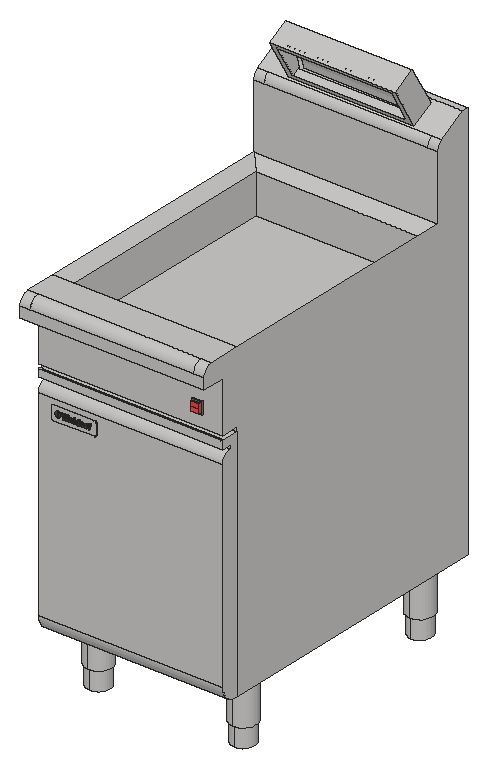
Revit family "QF_MOFFAT WALDORF_CS8450E", category Specialty Equipment, Revit 2012
Parameters
  Weight in Pounds = 0
  Width [instance] = 450 mm  # constant formula
  Watts = 1000 W
  Volts = 240 V
  URL Cutsheet = "www.moffat.com"
  URL = "www.moffat.com"
  Type Mark [instance] = ""
  Status [instance] = ""
  Specification by User [instance] = ""
  Specification by Manufacturer = ""
  Show Logo [instance] = yes
  Show Clearance [instance] = yes
  Serial Number = ""
  Seismic Rating = ""
  SMACNA No = ""
  Revision Code [instance] = ""
  Phase = 1
  Omniclass Number and Title = ""
  Number of Poles [instance] = 1
  NAFEM Spec ID Number = ""
  Model = "CS8450E"
  Min Ckt Ampacity = 0 A
  Max Overcurrent Protection = 0 A
  Masterspec = ""
  Manufacturer = "MOFFAT WALDORF"
  Legs [instance] = yes
  Item Number [instance] = ""
  Installed By [instance] = ""
  Identify Quantity as Lot [instance] = yes
  Height = 1130 mm  # constant formula
  HP = ""
  Furnished By [instance] = ""
  Foodservice Equipment Identifier [instance] = yes
  FL Amps = 4.5 A
  Electrical Remarks [instance] = ""
  Electric Connection Type [instance] = ""
  Elec Conn RI Height [instance] = 0 mm
  Elec Conn Connection Height [instance] = 200 mm
  Description = "CHIP SCUTTLE WITH INFRA-RED HEATER"
  Depth [instance] = 805 mm  # constant formula
  Cycle = 50 Hz
  Conn Plug = ""
  Conn Conduit = yes
  CSI MasterFormat = ""
  CSI Master Format = ""
  Body Finish = QF_Finishes_Stainless Steel
  Apparent Power = if(Phase = 3, Volts * FL Amps * 1.73, Volts * FL Amps)  # 1080 VA
Reference planes
  plane 1 "BACK": y = 0
  plane 2: z = 0
  plane 3 "LEFT": x = 0
  plane 4 "RIGHT": x = 450
  plane 5 "FRONT": y = -805
  plane 6 "TOP": z = 1130
  plane 7 "Center Y": x = 225
  plane 8 "Center X": y = -402.5
  plane 9: x = 90
Forms (mm)
  Extrusion 1, solid, material "QF_Finishes_Stainless Steel" <- "Body Finish"
    sketch origin (0, 0, 0) x (0, 1, 0) y (0, 0, 1)
      loop
        line (-702.284, 150) -> (0, 150) -> (0, 1130) -> (-16.5, 1130) -> (-80, 1093.338)
        arc (-80, 1093.338) -> (-88.785, 1084.554) -> (-92, 1072.554) r 24
        line (-92, 1072.554) -> (-92, 915) -> (-707.4, 915) -> (-707.4, 740.5) -> (-705.2, 740.5) -> (-702.284, 150)
    from 0 to 25
  Revolve 2, solid, material "QF_Finishes_Stainless Steel" <- "Body Finish", visible <- "Legs"
    sketch origin (47.996, -150, 0) x (0, 1, 0) y (0, 0, 1)
      loop
        line (33.25, 150) -> (33.25, 47.5) -> (37.5, 47.5) -> (37.5, 0) -> (65, 0) -> (65, 150) -> (33.25, 150)
      axis (65, 150) -> (65, 0)
    angle from 0 to 360
  Revolve 3, solid, material "QF_Finishes_Stainless Steel" <- "Body Finish"
    sketch origin (47.996, -735, 0) x (0, 1, 0) y (0, 0, 1)
      loop
        line (78.25, 150) -> (78.25, 47.5) -> (82.5, 47.5) -> (82.5, 0) -> (110, 0) -> (110, 150) -> (78.25, 150)
      axis (110, 150) -> (110, 0)
    angle from 0 to 360
  Revolve 4, solid, material "QF_Finishes_Stainless Steel" <- "Body Finish", visible <- "Legs"
    sketch origin (402, -150, 0) x (0, 1, 0) y (0, 0, -1)
      loop
        line (33.25, -150) -> (65, -150) -> (65, 0) -> (37.5, 0) -> (37.5, -47.5) -> (33.25, -47.5) -> (33.25, -150)
      axis (65, -150) -> (65, 0)
    angle from 0 to 360
  Revolve 5, solid, material "QF_Finishes_Stainless Steel" <- "Body Finish"
    sketch origin (402, -735, 0) x (0, 1, 0) y (0, 0, -1)
      loop
        line (78.25, -150) -> (110, -150) -> (110, 0) -> (82.5, 0) -> (82.5, -47.5) -> (78.25, -47.5) -> (78.25, -150)
      axis (110, -150) -> (110, 0)
    angle from 0 to 360
  Extrusion 6, solid, material "QF_Finishes_Stainless Steel" <- "Body Finish"
    sketch origin (0, 0, 0) x (0, 1, 0) y (0, 0, 1)
      loop
        line (-748.15, 727.85) -> (-748.15, 710.3) -> (-723.95, 710.3) -> (-723.95, 699.977)
        arc (-723.95, 699.977) -> (-741.595, 693.338) -> (-749, 676) r 24
        line (-749, 676) -> (-749, 188)
        arc (-749, 188) -> (-737.87, 161.13) -> (-711, 150) r 38
        line (-711, 150) -> (-705.2, 150) -> (-705.2, 730.3) -> (-745.7, 730.3)
        arc (-745.7, 730.3) -> (-747.432, 729.582) -> (-748.15, 727.85) r 2.45
    from 0 to 450
  Extrusion 7, solid, material "QF_Door-Drawer Clearances", visible <- "Show Clearance", detail levels coarse
    sketch origin (32.187, -710.65, 150) x (-1, 0, 0) y (0, 1, 0)
      loop
        line (32.187, -38.35) -> (-417.813, -38.35)
        arc (-417.813, -38.35) -> (-286.605, -360.107) -> (32.187, -498.361) r 460.122
        line (32.187, -498.361) -> (32.187, -38.35)
    from 0 to -580.3
  Extrusion 8, solid, material "QF_Finishes_Stainless Steel" <- "Body Finish"
    sketch origin (450, 0, 0) x (0, 1, 0) y (0, 0, -1)
      loop
        line (-705.2, -150) -> (-705.2, -740) -> (-749, -740) -> (-749, -866) -> (-805, -866) -> (-805, -891)
        arc (-805, -891) -> (-797.971, -907.971) -> (-781, -915) r 24
        line (-781, -915) -> (-704, -915) -> (-704, -890) -> (-90, -890) -> (-90, -1072.554)
        arc (-90, -1072.554) -> (-86.785, -1084.554) -> (-78, -1093.338) r 24
        line (-78, -1093.338) -> (-14.5, -1130) -> (0, -1130) -> (0, -150) -> (-705.2, -150)
    from 0 to 25
  Extrusion 9, solid, material "QF_Finishes_Stainless Steel" <- "Body Finish"
    sketch origin (0, 0, 0) x (0, 1, 0) y (0, 0, 1)
      loop
        line (-14.5, 1130) -> (-78, 1093.338)
        arc (-78, 1093.338) -> (-86.785, 1084.554) -> (-90, 1072.554) r 24
        line (-90, 1072.554) -> (-90, 890) -> (-115, 890) -> (-115, 795) -> (-602.5, 795) -> (-602.5, 840) -> (-704, 870) -> (-704, 915) -> (-781, 915)
        arc (-781, 915) -> (-797.971, 907.971) -> (-805, 891) r 24
        line (-805, 891) -> (-805, 866) -> (-749, 866) -> (-749, 740) -> (-705, 740) -> (-705, 150) -> (0, 150) -> (0, 1130) -> (-14.5, 1130)
    from 25 to 425
  Extrusion 10, solid, material "QF_Finishes_Stainless Steel" <- "Body Finish"
    sketch origin (0, 0, 0) x (0, 1, 0) y (0, 0, 1)
      loop
        line (-705, 150) -> (0, 150) -> (0, 1130) -> (-14.5, 1130) -> (-78, 1093.338)
        arc (-78, 1093.338) -> (-86.785, 1084.554) -> (-90, 1072.554) r 24
        line (-90, 1072.554) -> (-90, 890) -> (-704, 890) -> (-704, 915) -> (-781, 915)
        arc (-781, 915) -> (-797.971, 907.971) -> (-805, 891) r 24
        line (-805, 891) -> (-805, 866) -> (-749, 866) -> (-749, 740) -> (-705, 740) -> (-705, 150)
    from 0 to 25
  Sweep 11, solid, material "QF_Finishes_Stainless Steel" <- "Body Finish"
    path origin (0, 0, 0) x (1, 0, 0) y (0, 1, 0)
      loop
        line (450, -704) -> (450, -90) -> (0, -90) -> (0, -704)
    profile origin (0, -397, 0) x (1, 0, 0) y (0, 0, 1)
      loop
        line (0, 915) -> (0, 890) -> (25, 890) -> (0, 915)
  Extrusion 12, solid, material "QF_Finishes_Stainless Steel"
    sketch origin (0, 0, 0) x (1, 0, 0) y (0, 0, 1)
      loop
        circle (90, 200) r 2.5
    from 0 to 2
  Extrusion 13, solid, material "QF_Finishes_Rubber Black"
    sketch origin (0, 0, 0) x (1, 0, 0) y (0, 0, 1)
      loop
        line (376.3, 799.6) -> (376.3, 769.6) -> (401.3, 769.6) -> (401.3, 799.6) -> (376.3, 799.6)
    from 749 to 752
  Extrusion 14, solid, material "QF_Finishes_Red"
    sketch origin (0, 0, 0) x (0, 1, 0) y (0, 0, 1)
      loop
        arc (-757.803, 795.6) -> (-756.792, 790.141) -> (-756.453, 784.6) r 45.469
        arc (-756.453, 784.6) -> (-756.792, 779.059) -> (-757.803, 773.6) r 45.469
        line (-757.803, 773.6) -> (-751.992, 773.6) -> (-751.992, 795.6) -> (-757.803, 795.6)
    from 379.3 to 398.3
  Extrusion 15, solid, material "QF_Finishes_Stainless Steel" <- "Body Finish"
    sketch origin (0, 0, 0) x (0, 1, 0) y (0, 0, 1)
      loop
        line (-80.853, 1223.998) -> (-130.216, 1195.498) -> (-73.426, 1097.134) -> (-24.062, 1125.634) -> (-80.853, 1223.998)
    from 71.5 to 85
  Extrusion 16, solid, material "QF_Finishes_Stainless Steel" <- "Body Finish"
    sketch origin (450, 0, 0) x (0, 1, 0) y (0, 0, -1)
      loop
        line (-80.853, -1223.998) -> (-24.062, -1125.634) -> (-73.426, -1097.134) -> (-130.216, -1195.498) -> (-80.853, -1223.998)
    from 71.5 to 85
  Extrusion 17, solid, material "QF_Finishes_Stainless Steel" <- "Body Finish"
    sketch origin (13.5, 0, 0) x (0, 1, 0) y (0, 0, 1)
      loop
        line (-80.853, 1223.998) -> (-130.216, 1195.498) -> (-126.182, 1188.51) -> (-85.479, 1212.01) -> (-37.723, 1129.294) -> (-78.426, 1105.794) -> (-73.426, 1097.134) -> (-24.062, 1125.634) -> (-80.853, 1223.998)
    from 71.5 to 351.5
  Extrusion 18, solid, material "QF_Finishes_White"
    sketch origin (0, -2.5, 4.33) x (0, 1, 0) y (0, 0, 1)
      loop
        arc (-105.433, 1183.168) -> (-78.968, 1154.852) -> (-67.677, 1117.773) r 85.73
        line (-67.677, 1117.773) -> (-62.886, 1120.54)
        arc (-62.886, 1120.54) -> (-74.637, 1157.352) -> (-100.642, 1185.935) r 90.73
        line (-100.642, 1185.935) -> (-105.433, 1183.168)
    from 94.953 to 355.047
  Extrusion 19, solid, material "QF_Finishes_Stainless Steel"
    sketch origin (0, -9.913, 0.05) x (0, 1, 0) y (0, 0, 1)
      loop
        line (-91.048, 1182.236) -> (-93.825, 1180.633)
        arc (-93.825, 1180.633) -> (-74.153, 1157.632) -> (-64.069, 1129.094) r 82.73
        line (-64.069, 1129.094) -> (-61.292, 1130.697)
        arc (-61.292, 1130.697) -> (-71.554, 1159.132) -> (-91.048, 1182.236) r 85.73
    from 108.537 to 341.463
  Extrusion 20, solid, material "QF_Finishes_Stainless Steel" <- "Body Finish"
    sketch origin (0, -2.5, 4.33) x (0, 1, 0) y (0, 0, 1)
      loop
        circle (-76.789, 1156.122) r 2
    from 85 to 94.953
  Extrusion 21, solid, material "QF_Finishes_Stainless Steel" <- "Body Finish"
    sketch origin (450, -2.5, 4.33) x (0, 1, 0) y (0, 0, -1)
      loop
        circle (-76.789, -1156.122) r 2
    from 85 to 94.953
Cuts and joins
  joined: Extrusion 1, Extrusion 8, Extrusion 9, Extrusion 10, Sweep 11
  joined: Extrusion 15, Extrusion 16, Extrusion 17
Lines and regions (mm)
  Split face 1
    outline origin (425, -115, 795) x (-1, 0, 0) y (0, -1, 0)
      loop
        circle (337.271, 22.25) r 7.5
  Split face 2
    outline origin (425, -115, 795) x (-1, 0, 0) y (0, -1, 0)
      loop
        circle (337.271, 79.125) r 7.5
  Split face 3
    outline origin (425, -115, 795) x (-1, 0, 0) y (0, -1, 0)
      loop
        circle (337.729, 134.125) r 7.5
  Split face 4
    outline origin (425, -115, 795) x (-1, 0, 0) y (0, -1, 0)
      loop
        circle (337.271, 190.375) r 7.5
  Split face 5
    outline origin (425, -115, 795) x (-1, 0, 0) y (0, -1, 0)
      loop
        circle (337.271, 248.625) r 7.5
  Split face 6
    outline origin (425, -115, 795) x (-1, 0, 0) y (0, -1, 0)
      loop
        circle (337.271, 304.875) r 7.5
  Split face 7
    outline origin (425, -115, 795) x (-1, 0, 0) y (0, -1, 0)
      loop
        circle (337.271, 361.125) r 7.5
  Split face 8
    outline origin (425, -115, 795) x (-1, 0, 0) y (0, -1, 0)
      loop
        circle (282.271, 361.125) r 7.5
  Split face 9
    outline origin (425, -115, 795) x (-1, 0, 0) y (0, -1, 0)
      loop
        circle (282.271, 304.875) r 7.5
  Split face 10
    outline origin (425, -115, 795) x (-1, 0, 0) y (0, -1, 0)
      loop
        circle (282.271, 248.625) r 7.5
  Split face 11
    outline origin (425, -115, 795) x (-1, 0, 0) y (0, -1, 0)
      loop
        circle (282.271, 190.375) r 7.5
  Split face 12
    outline origin (425, -115, 795) x (-1, 0, 0) y (0, -1, 0)
      loop
        circle (282.729, 134.125) r 7.5
  Split face 13
    outline origin (425, -115, 795) x (-1, 0, 0) y (0, -1, 0)
      loop
        circle (282.271, 79.125) r 7.5
  Split face 14
    outline origin (425, -115, 795) x (-1, 0, 0) y (0, -1, 0)
      loop
        circle (282.271, 22.25) r 7.5
  Split face 15
    outline origin (425, -115, 795) x (-1, 0, 0) y (0, -1, 0)
      loop
        circle (227.271, 22.25) r 7.5
  Split face 16
    outline origin (425, -115, 795) x (-1, 0, 0) y (0, -1, 0)
      loop
        circle (227.271, 79.125) r 7.5
  Split face 17
    outline origin (425, -115, 795) x (-1, 0, 0) y (0, -1, 0)
      loop
        circle (227.729, 134.125) r 7.5
  Split face 18
    outline origin (425, -115, 795) x (-1, 0, 0) y (0, -1, 0)
      loop
        circle (227.271, 190.375) r 7.5
  Split face 19
    outline origin (425, -115, 795) x (-1, 0, 0) y (0, -1, 0)
      loop
        circle (227.271, 248.625) r 7.5
  Split face 20
    outline origin (425, -115, 795) x (-1, 0, 0) y (0, -1, 0)
      loop
        circle (227.271, 304.875) r 7.5
  Split face 21
    outline origin (425, -115, 795) x (-1, 0, 0) y (0, -1, 0)
      loop
        circle (227.271, 361.125) r 7.5
  Split face 22
    outline origin (425, -115, 795) x (-1, 0, 0) y (0, -1, 0)
      loop
        circle (172.729, 361.125) r 7.5
  Split face 23
    outline origin (425, -115, 795) x (-1, 0, 0) y (0, -1, 0)
      loop
        circle (172.729, 304.875) r 7.5
  Split face 24
    outline origin (425, -115, 795) x (-1, 0, 0) y (0, -1, 0)
      loop
        circle (172.729, 248.625) r 7.5
  Split face 25
    outline origin (425, -115, 795) x (-1, 0, 0) y (0, -1, 0)
      loop
        circle (172.729, 190.375) r 7.5
  Split face 26
    outline origin (425, -115, 795) x (-1, 0, 0) y (0, -1, 0)
      loop
        circle (172.729, 134.125) r 7.5
  Split face 27
    outline origin (425, -115, 795) x (-1, 0, 0) y (0, -1, 0)
      loop
        circle (172.729, 79.125) r 7.5
  Split face 28
    outline origin (425, -115, 795) x (-1, 0, 0) y (0, -1, 0)
      loop
        circle (172.729, 22.25) r 7.5
  Split face 29
    outline origin (425, -115, 795) x (-1, 0, 0) y (0, -1, 0)
      loop
        circle (117.729, 22.25) r 7.5
  Split face 30
    outline origin (425, -115, 795) x (-1, 0, 0) y (0, -1, 0)
      loop
        circle (117.729, 79.125) r 7.5
  Split face 31
    outline origin (425, -115, 795) x (-1, 0, 0) y (0, -1, 0)
      loop
        circle (117.729, 134.125) r 7.5
  Split face 32
    outline origin (425, -115, 795) x (-1, 0, 0) y (0, -1, 0)
      loop
        circle (117.729, 190.375) r 7.5
  Split face 33
    outline origin (425, -115, 795) x (-1, 0, 0) y (0, -1, 0)
      loop
        circle (117.729, 248.625) r 7.5
  Split face 34
    outline origin (425, -115, 795) x (-1, 0, 0) y (0, -1, 0)
      loop
        circle (117.729, 304.875) r 7.5
  Split face 35
    outline origin (425, -115, 795) x (-1, 0, 0) y (0, -1, 0)
      loop
        circle (117.729, 361.125) r 7.5
  Split face 36
    outline origin (425, -115, 795) x (-1, 0, 0) y (0, -1, 0)
      loop
        circle (62.729, 361.125) r 7.5
  Split face 37
    outline origin (425, -115, 795) x (-1, 0, 0) y (0, -1, 0)
      loop
        circle (62.729, 304.875) r 7.5
  Split face 38
    outline origin (425, -115, 795) x (-1, 0, 0) y (0, -1, 0)
      loop
        circle (62.729, 248.625) r 7.5
  Split face 39
    outline origin (425, -115, 795) x (-1, 0, 0) y (0, -1, 0)
      loop
        circle (62.729, 190.375) r 7.5
  Split face 40
    outline origin (425, -115, 795) x (-1, 0, 0) y (0, -1, 0)
      loop
        circle (62.729, 134.125) r 7.5
  Split face 41
    outline origin (425, -115, 795) x (-1, 0, 0) y (0, -1, 0)
      loop
        circle (62.729, 79.125) r 7.5
  Split face 42
    outline origin (425, -115, 795) x (-1, 0, 0) y (0, -1, 0)
      loop
        circle (62.729, 22.25) r 7.5
  Split face 43
    outline origin (425, -115, 795) x (-1, 0, 0) y (0, -1, 0)
      loop
        circle (337.271, 415.375) r 7.5
  Split face 44
    outline origin (425, -115, 795) x (-1, 0, 0) y (0, -1, 0)
      loop
        circle (282.271, 415.375) r 7.5
  Split face 45
    outline origin (425, -115, 795) x (-1, 0, 0) y (0, -1, 0)
      loop
        circle (227.271, 415.375) r 7.5
  Split face 46
    outline origin (425, -115, 795) x (-1, 0, 0) y (0, -1, 0)
      loop
        circle (172.729, 415.375) r 7.5
  Split face 47
    outline origin (425, -115, 795) x (-1, 0, 0) y (0, -1, 0)
      loop
        circle (117.729, 415.375) r 7.5
  Split face 48
    outline origin (425, -115, 795) x (-1, 0, 0) y (0, -1, 0)
      loop
        circle (62.729, 415.375) r 7.5
  symbolic lines
    curve 1: line (450, 0, 0) -> (0, 0, 0)
    curve 2: line (450, -805, 0) -> (450, 0, 0)
    curve 3: line (0, 0, 0) -> (0, -805, 0)
    curve 4: line (25, -705, 0) -> (25, -115, 0)
    curve 5: line (425, -115, 0) -> (425, -705, 0)
    curve 6: line (0, -805, 0) -> (450, -805, 0)
    curve 7: line (0, -705, 0) -> (450, -705, 0)
    curve 10: line (425, -602.5, 0) -> (25, -602.5, 0)
    curve 11: line (0, -90, 0) -> (71.5, -90, 0)
    curve 12: circle (362.271, -139.25, 0) r 7.5 normal (0, 0, 1)
    curve 13: circle (362.271, -196.125, 0) r 7.5 normal (0, 0, 1)
    curve 14: circle (362.271, -251.125, 0) r 7.5 normal (0, 0, 1)
    curve 15: circle (362.271, -307.375, 0) r 7.5 normal (0, 0, 1)
    curve 16: circle (362.271, -363.625, 0) r 7.5 normal (0, 0, 1)
    curve 17: circle (362.271, -419.875, 0) r 7.5 normal (0, 0, 1)
    curve 18: circle (362.271, -476.125, 0) r 7.5 normal (0, 0, 1)
    curve 19: circle (307.271, -476.125, 0) r 7.5 normal (0, 0, 1)
    curve 20: circle (307.271, -419.875, 0) r 7.5 normal (0, 0, 1)
    curve 21: circle (307.271, -363.625, 0) r 7.5 normal (0, 0, 1)
    curve 22: circle (307.271, -307.375, 0) r 7.5 normal (0, 0, 1)
    curve 23: circle (307.271, -251.125, 0) r 7.5 normal (0, 0, 1)
    curve 24: circle (307.271, -196.125, 0) r 7.5 normal (0, 0, 1)
    curve 25: circle (307.271, -139.25, 0) r 7.5 normal (0, 0, 1)
    curve 26: circle (252.271, -476.125, 0) r 7.5 normal (0, 0, 1)
    curve 27: circle (252.271, -419.875, 0) r 7.5 normal (0, 0, 1)
    curve 28: circle (252.271, -363.625, 0) r 7.5 normal (0, 0, 1)
    curve 29: circle (252.271, -307.375, 0) r 7.5 normal (0, 0, 1)
    curve 30: circle (252.271, -251.125, 0) r 7.5 normal (0, 0, 1)
    curve 31: circle (252.271, -196.125, 0) r 7.5 normal (0, 0, 1)
    curve 32: circle (252.271, -139.25, 0) r 7.5 normal (0, 0, 1)
    curve 33: line (0, -90, 0) -> (25, -115, 0)
    curve 34: line (25, -115, 0) -> (71.5, -115, 0)
    curve 35: line (450, -90, 0) -> (425, -115, 0)
    curve 36: circle (197.271, -251.125, 0) r 7.5 normal (0, 0, 1)
    curve 37: circle (142.271, -251.125, 0) r 7.5 normal (0, 0, 1)
    curve 38: circle (87.271, -251.125, 0) r 7.5 normal (0, 0, 1)
    curve 39: circle (87.729, -139.25, 0) r 7.5 normal (0, 0, -1)
    curve 40: circle (87.729, -196.125, 0) r 7.5 normal (0, 0, -1)
    curve 41: circle (87.729, -307.375, 0) r 7.5 normal (0, 0, -1)
    curve 42: circle (87.729, -363.625, 0) r 7.5 normal (0, 0, -1)
    curve 43: circle (87.729, -419.875, 0) r 7.5 normal (0, 0, -1)
    curve 44: circle (87.729, -476.125, 0) r 7.5 normal (0, 0, -1)
    curve 45: circle (142.729, -476.125, 0) r 7.5 normal (0, 0, -1)
    curve 46: circle (142.729, -419.875, 0) r 7.5 normal (0, 0, -1)
    curve 47: circle (142.729, -363.625, 0) r 7.5 normal (0, 0, -1)
    curve 48: circle (142.729, -307.375, 0) r 7.5 normal (0, 0, -1)
    curve 49: circle (142.729, -196.125, 0) r 7.5 normal (0, 0, -1)
    curve 50: circle (142.729, -139.25, 0) r 7.5 normal (0, 0, -1)
    curve 51: circle (197.729, -476.125, 0) r 7.5 normal (0, 0, -1)
    curve 52: circle (197.729, -419.875, 0) r 7.5 normal (0, 0, -1)
    curve 53: circle (197.729, -363.625, 0) r 7.5 normal (0, 0, -1)
    curve 54: circle (197.729, -307.375, 0) r 7.5 normal (0, 0, -1)
    curve 55: circle (197.729, -196.125, 0) r 7.5 normal (0, 0, -1)
    curve 56: circle (197.729, -139.25, 0) r 7.5 normal (0, 0, -1)
    curve 57: line (71.5, -24.062, 0) -> (378.5, -24.062, 0)
    curve 58: line (71.5, -130.216, 0) -> (71.5, -24.062, 0)
    curve 59: line (378.5, -130.216, 0) -> (71.5, -130.216, 0)
    curve 60: line (378.5, -24.062, 0) -> (378.5, -130.216, 0)
    curve 61: line (378.5, -115, 0) -> (425, -115, 0)
    curve 62: line (378.5, -90, 0) -> (450, -90, 0)
    curve 63: circle (362.271, -532.375, 0) r 7.5 normal (0, 0, 1)
    curve 64: circle (307.271, -532.375, 0) r 7.5 normal (0, 0, 1)
    curve 65: circle (252.271, -532.375, 0) r 7.5 normal (0, 0, 1)
    curve 66: circle (87.729, -532.375, 0) r 7.5 normal (0, 0, -1)
    curve 67: circle (142.729, -532.375, 0) r 7.5 normal (0, 0, -1)
    curve 68: circle (197.729, -532.375, 0) r 7.5 normal (0, 0, -1)
  symbolic lines, style "QF_Door-Drawer Clearances"
    curve 8: arc (446.579, -805, 0) -> (298.564, -1090.211, 0) -> (0, -1209.011, 0) r 460.122
    curve 9: line (0, -805, 0) -> (0, -1209.011, 0)
Dimensions and locks
  equal spacing: plane 3 "LEFT", plane 7 "Center Y", plane 4 "RIGHT"
  "Width": plane 3 "LEFT" to plane 4 "RIGHT"
  equal spacing: plane 5 "FRONT", plane 8 "Center X", plane 1 "BACK"
  "Depth": plane 5 "FRONT" to plane 1 "BACK"
  "Height": plane 6 "TOP" to level
  "Depth": plane 1 "BACK" to plane 5 "FRONT"
  cut or joined group of Extrusion 1, Extrusion 8, Extrusion 9, Extrusion 10, Sweep 11 to level = 150 mm
  plane 6 "TOP" to level = 1130 mm
  "Width": plane 4 "RIGHT" to plane 3 "LEFT"
  cut or joined group of Extrusion 1, Extrusion 8, Extrusion 9, Extrusion 10, Sweep 11 to level = 915 mm
  Extrusion 12 to level = 200 mm
  cut or joined group of Extrusion 1, Extrusion 8, Extrusion 9, Extrusion 10, Sweep 11 to cut or joined group of Extrusion 1, Extrusion 8, Extrusion 9, Extrusion 10, Sweep 11 = 90 mm
  cut or joined group of Extrusion 15, Extrusion 16, Extrusion 17 to level = 1223.998 mm
  aligned and locked: level to plane 2
  aligned and locked: Extrusion 9 to Extrusion 8
Automatic sketch dimensions
  Extrusion 1 sketch curve to plane 6 "TOP" = 0 mm
  Extrusion 1 sketch curve to plane 1 "BACK" = 0 mm
  Extrusion 1 sketch curve to Extrusion 1 sketch curve = 16.5 mm
  plane 1 "BACK" to Extrusion 1 sketch curve = 68 mm
  Extrusion 1 sketch curve to plane 6 "TOP" = 36.662 mm
  Extrusion 1 sketch curve to Extrusion 1 sketch curve = 12 mm  (x2)
  Extrusion 1 sketch curve to plane 5 "FRONT" = 102.716 mm
  Extrusion 1 sketch curve to plane 5 "FRONT" = 99.8 mm
  Extrusion 1 sketch curve to plane 5 "FRONT" = 97.6 mm
  Extrusion 1 sketch curve to Extrusion 1 sketch curve = 157.554 mm
  Extrusion 1 sketch curve to Extrusion 1 sketch curve = 174.5 mm
  level to Extrusion 1 sketch curve = 150 mm
  Revolve 2 sketch curve to level = 0 mm
  level to Revolve 2 sketch curve = 47.5 mm
  plane 1 "BACK" to Revolve 2 sketch curve = 116.75 mm
  Revolve 2 sketch curve to Revolve 2 sketch curve = 4.25 mm
  Revolve 2 sketch curve to Revolve 2 sketch curve = 27.5 mm  (x2)
  Revolve 2 sketch curve to level = 55 mm
  Revolve 2 sketch curve to Revolve 2 sketch curve = 2.5 mm
  Revolve 2 sketch curve to Revolve 2 sketch curve = 100 mm
  Revolve 3 sketch curve to level = 0 mm
  level to Revolve 3 sketch curve = 47.5 mm
  Revolve 3 sketch curve to plane 5 "FRONT" = 148.25 mm
  Revolve 3 sketch curve to Revolve 3 sketch curve = 4.25 mm
  Revolve 3 sketch curve to Revolve 3 sketch curve = 27.5 mm  (x2)
  Revolve 3 sketch curve to Revolve 3 sketch curve = 55 mm
  Revolve 3 sketch curve to Revolve 3 sketch curve = 2.5 mm
  Revolve 3 sketch curve to Revolve 3 sketch curve = 100 mm
  Revolve 4 sketch curve to level = 0 mm
  level to Revolve 4 sketch curve = 47.5 mm
  plane 1 "BACK" to Revolve 4 sketch curve = 116.75 mm
  Revolve 4 sketch curve to Revolve 4 sketch curve = 4.25 mm
  Revolve 4 sketch curve to Revolve 4 sketch curve = 27.5 mm  (x2)
  Revolve 4 sketch curve to Revolve 4 sketch curve = 2.5 mm
  Revolve 4 sketch curve to Revolve 4 sketch curve = 102.5 mm
  Revolve 4 sketch curve to Revolve 4 sketch curve = 55 mm
  Revolve 5 sketch curve to level = 0 mm
  level to Revolve 5 sketch curve = 47.5 mm
  Revolve 5 sketch curve to plane 5 "FRONT" = 148.25 mm
  Revolve 5 sketch curve to Revolve 5 sketch curve = 4.25 mm
  Revolve 5 sketch curve to Revolve 5 sketch curve = 27.5 mm  (x2)
  Revolve 5 sketch curve to Revolve 5 sketch curve = 2.5 mm
  Revolve 5 sketch curve to Revolve 5 sketch curve = 102.5 mm
  Revolve 5 sketch curve to Revolve 5 sketch curve = 55 mm
  Extrusion 6 sketch curve to plane 5 "FRONT" = 56 mm
  Extrusion 6 sketch curve to Extrusion 6 sketch curve = 0.85 mm
  Extrusion 6 sketch curve to Extrusion 6 sketch curve = 2.45 mm
  Extrusion 6 sketch curve to Extrusion 6 sketch curve = 24 mm
  Extrusion 6 sketch curve to Extrusion 6 sketch curve = 1.05 mm
  Extrusion 6 sketch curve to Extrusion 6 sketch curve = 38 mm
  Extrusion 6 sketch curve to Extrusion 6 sketch curve = 18.75 mm
  level to Extrusion 6 sketch curve = 150 mm
  Extrusion 6 sketch curve to plane 6 "TOP" = 454 mm
  Extrusion 6 sketch curve to Extrusion 6 sketch curve = 10.323 mm
  Extrusion 6 sketch curve to Extrusion 6 sketch curve = 17.55 mm
  Extrusion 7 sketch curve to Extrusion 6 = 0 mm  (x2)
  Extrusion 6 to Extrusion 7 sketch curve = 10.122 mm
  Extrusion 7 sketch curve to Extrusion 6 = 38 mm
  Extrusion 8 sketch curve to plane 5 "FRONT" = 0 mm
  Extrusion 8 sketch curve to plane 6 "TOP" = 0 mm
  Extrusion 8 sketch curve to plane 1 "BACK" = 0 mm
  Extrusion 8 sketch curve to plane 5 "FRONT" = 24 mm
  Extrusion 8 sketch curve to plane 5 "FRONT" = 56 mm
  Extrusion 8 sketch curve to Extrusion 8 sketch curve = 43.8 mm
  Extrusion 8 sketch curve to Extrusion 8 sketch curve = 45 mm
  plane 1 "BACK" to Extrusion 8 sketch curve = 90 mm
  Extrusion 8 sketch curve to Extrusion 8 sketch curve = 12 mm  (x2)
  Extrusion 8 sketch curve to Extrusion 8 sketch curve = 14.5 mm
  Extrusion 8 sketch curve to plane 6 "TOP" = 36.662 mm
  Extrusion 8 sketch curve to plane 6 "TOP" = 215 mm
  Extrusion 8 sketch curve to Extrusion 8 sketch curve = 182.554 mm
  Extrusion 8 sketch curve to Extrusion 8 sketch curve = 25 mm
  Extrusion 8 sketch curve to Extrusion 8 sketch curve = 126 mm
  level to Extrusion 8 sketch curve = 150 mm
  Extrusion 10 sketch curve to plane 5 "FRONT" = 0 mm
  Extrusion 10 sketch curve to plane 6 "TOP" = 0 mm
  Extrusion 10 sketch curve to plane 1 "BACK" = 0 mm
  Extrusion 10 sketch curve to plane 5 "FRONT" = 24 mm
  Extrusion 10 sketch curve to Extrusion 10 sketch curve = 32 mm
  Extrusion 10 sketch curve to plane 5 "FRONT" = 100 mm
  Extrusion 10 sketch curve to Extrusion 10 sketch curve = 45 mm
  plane 1 "BACK" to Extrusion 10 sketch curve = 90 mm
  Extrusion 10 sketch curve to Extrusion 10 sketch curve = 12 mm  (x2)
  Extrusion 10 sketch curve to Extrusion 10 sketch curve = 14.5 mm
  Extrusion 10 sketch curve to plane 6 "TOP" = 36.662 mm
  Extrusion 10 sketch curve to plane 6 "TOP" = 215 mm
  Extrusion 10 sketch curve to Extrusion 10 sketch curve = 182.554 mm
  Extrusion 10 sketch curve to Extrusion 10 sketch curve = 25 mm
  Extrusion 10 sketch curve to Extrusion 10 sketch curve = 126 mm
  level to Extrusion 10 sketch curve = 150 mm
  Sweep 11 sketch curve to plane 4 "RIGHT" = 0 mm
  plane 1 "BACK" to Sweep 11 sketch curve = 90 mm
  profile plane to Sweep 11 sketch curve = 0 mm
  Sweep 11 sketch curve to profile plane = 25 mm
  level to Sweep 11 sketch curve = 890 mm
  Sweep 11 sketch curve to Sweep 11 sketch curve = 25 mm
  plane 3 "LEFT" to Extrusion 12 sketch curve = 90 mm
  level to Extrusion 12 sketch curve = 200 mm
  plane 4 "RIGHT" to Extrusion 13 sketch curve = 73.7 mm
  Extrusion 13 sketch curve to Extrusion 13 sketch curve = 25 mm
  Extrusion 13 sketch curve to plane 6 "TOP" = 360.4 mm
  Extrusion 13 sketch curve to Extrusion 13 sketch curve = 30 mm
  Extrusion 14 sketch curve to Extrusion 14 sketch curve = 0 mm  (x3)
  Extrusion 14 sketch curve to plane 5 "FRONT" = 3.078 mm
  Extrusion 14 sketch curve to Extrusion 14 sketch curve = 44.119 mm
  Extrusion 14 sketch curve to Extrusion 14 sketch curve = 1.351 mm
  Extrusion 14 sketch curve to Extrusion 14 sketch curve = 5.812 mm
  Extrusion 14 sketch curve to plane 6 "TOP" = 356.4 mm
  plane 1 "BACK" to Extrusion 15 sketch curve = 130.216 mm
  Extrusion 15 sketch curve to Extrusion 15 sketch curve = 49.363 mm
  Extrusion 15 sketch curve to plane 6 "TOP" = 32.866 mm
  plane 1 "BACK" to Extrusion 15 sketch curve = 73.426 mm
  Extrusion 15 sketch curve to plane 6 "TOP" = 4.366 mm
  plane 1 "BACK" to Extrusion 16 sketch curve = 130.216 mm
  Extrusion 16 sketch curve to Extrusion 16 sketch curve = 49.363 mm
  Extrusion 16 sketch curve to plane 6 "TOP" = 32.866 mm
  plane 1 "BACK" to Extrusion 16 sketch curve = 73.426 mm
  Extrusion 16 sketch curve to plane 6 "TOP" = 4.366 mm
  plane 1 "BACK" to Extrusion 17 sketch curve = 130.216 mm
  plane 6 "TOP" to Extrusion 17 sketch curve = 58.51 mm
  Extrusion 17 sketch curve to Extrusion 17 sketch curve = 4.035 mm
  Extrusion 17 sketch curve to Extrusion 17 sketch curve = 40.703 mm
  Extrusion 17 sketch curve to plane 6 "TOP" = 24.206 mm
  plane 1 "BACK" to Extrusion 17 sketch curve = 78.426 mm
  Extrusion 17 sketch curve to Extrusion 17 sketch curve = 4.626 mm
  Extrusion 17 sketch curve to plane 6 "TOP" = 32.866 mm
  Extrusion 17 sketch curve to Extrusion 17 sketch curve = 5 mm
  Extrusion 18 sketch curve to Extrusion 18 sketch curve = 0 mm  (x2)
  Extrusion 18 sketch curve to plane 6 "TOP" = 13.683 mm
  plane 1 "BACK" to Extrusion 18 sketch curve = 155.712 mm
  Extrusion 18 sketch curve to Extrusion 18 sketch curve = 47.779 mm
  Extrusion 18 sketch curve to Extrusion 18 sketch curve = 4.791 mm  (x2)
  Extrusion 18 sketch curve to plane 6 "TOP" = 7.897 mm
  plane 1 "BACK" to Extrusion 18 sketch curve = 70.177 mm
  Extrusion 18 sketch curve to Extrusion 18 sketch curve = 2.766 mm
  Extrusion 19 sketch curve to Extrusion 19 sketch curve = 0 mm  (x2)
  Extrusion 19 sketch curve to plane 6 "TOP" = 13.683 mm
  plane 1 "BACK" to Extrusion 19 sketch curve = 155.712 mm
  plane 6 "TOP" to Extrusion 19 sketch curve = 50.683 mm
  Extrusion 19 sketch curve to Extrusion 19 sketch curve = 51.974 mm
  Extrusion 19 sketch curve to Extrusion 19 sketch curve = 2.777 mm  (x2)
  Extrusion 19 sketch curve to plane 6 "TOP" = 0.856 mm
  Extrusion 19 sketch curve to Extrusion 19 sketch curve = 1.603 mm
  plane 6 "TOP" to Extrusion 20 sketch curve = 30.452 mm
  plane 1 "BACK" to Extrusion 20 sketch curve = 79.289 mm
  plane 6 "TOP" to Extrusion 21 sketch curve = 30.452 mm
  plane 1 "BACK" to Extrusion 21 sketch curve = 79.289 mm
  Extrusion 9 sketch curve to plane 5 "FRONT" = 0 mm
  Extrusion 9 sketch curve to plane 6 "TOP" = 0 mm
  Extrusion 9 sketch curve to plane 1 "BACK" = 0 mm
  Extrusion 9 sketch curve to Extrusion 9 sketch curve = 24 mm
  Extrusion 9 sketch curve to plane 5 "FRONT" = 56 mm
  Extrusion 9 sketch curve to Extrusion 9 sketch curve = 44 mm
  Extrusion 9 sketch curve to Extrusion 9 sketch curve = 45 mm  (x2)
  Extrusion 9 sketch curve to Extrusion 9 sketch curve = 101.5 mm
  plane 1 "BACK" to Extrusion 9 sketch curve = 90 mm
  Extrusion 9 sketch curve to plane 6 "TOP" = 36.662 mm
  Extrusion 9 sketch curve to Extrusion 9 sketch curve = 12 mm  (x2)
  Extrusion 9 sketch curve to Extrusion 9 sketch curve = 25 mm  (x2)
  Extrusion 9 sketch curve to Extrusion 9 sketch curve = 14.5 mm
  Extrusion 9 sketch curve to plane 6 "TOP" = 215 mm
  Extrusion 9 sketch curve to Extrusion 9 sketch curve = 182.554 mm
  Extrusion 9 sketch curve to Extrusion 9 sketch curve = 30 mm
  Extrusion 9 sketch curve to Extrusion 9 sketch curve = 95 mm
  Extrusion 9 sketch curve to Extrusion 9 sketch curve = 55 mm
  level to Extrusion 9 sketch curve = 150 mm
  Sweep 11 sketch curve to plane 3 "LEFT" = 0 mm
  Sweep 11 sketch curve to plane 5 "FRONT" = 101 mm  (x2)
  curve 8 to plane 3 "LEFT" = 0 mm
  curve 7 to plane 3 "LEFT" = 0 mm
  plane 5 "FRONT" to curve 8 = 0 mm
  curve 7 to plane 4 "RIGHT" = 0 mm
  plane 1 "BACK" to curve 2 = 0 mm
  curve 8 to plane 3 "LEFT" = 10.122 mm
  plane 3 "LEFT" to curve 4 = 25 mm
  plane 3 "LEFT" to curve 38 = 87.271 mm
  curve 38 to curve 40 = 0.457 mm
  curve 38 to curve 41 = 0.457 mm
  curve 42 to curve 41 = 0 mm
  curve 43 to plane 8 "Center X" = 17.375 mm
  curve 43 to curve 42 = 0 mm
  curve 44 to curve 66 = 0 mm
  curve 58 to curve 39 = 16.229 mm
  curve 38 to curve 37 = 55 mm
  curve 42 to curve 47 = 55 mm
  curve 46 to plane 8 "Center X" = 17.375 mm
  curve 43 to curve 46 = 55 mm
  curve 44 to curve 45 = 55 mm
  curve 40 to curve 49 = 55 mm
  curve 39 to curve 50 = 55 mm
  curve 66 to curve 67 = 55 mm
  curve 41 to curve 48 = 55 mm
  curve 36 to plane 7 "Center Y" = 27.729 mm
  curve 54 to plane 7 "Center Y" = 27.271 mm
  curve 55 to plane 7 "Center Y" = 27.271 mm
  curve 56 to plane 7 "Center Y" = 27.271 mm
  curve 51 to plane 7 "Center Y" = 27.271 mm
  curve 53 to plane 7 "Center Y" = 27.271 mm
  curve 52 to plane 7 "Center Y" = 27.271 mm
  curve 68 to plane 7 "Center Y" = 27.271 mm
  plane 7 "Center Y" to curve 31 = 27.271 mm
  plane 7 "Center Y" to curve 30 = 27.271 mm
  plane 7 "Center Y" to curve 29 = 27.271 mm
  plane 7 "Center Y" to curve 28 = 27.271 mm
  plane 7 "Center Y" to curve 27 = 27.271 mm
  plane 7 "Center Y" to curve 26 = 27.271 mm
  plane 7 "Center Y" to curve 65 = 27.271 mm
  plane 7 "Center Y" to curve 32 = 27.271 mm
  curve 30 to curve 23 = 55 mm
  curve 65 to curve 64 = 55 mm
  curve 32 to curve 25 = 55 mm
  curve 24 to curve 23 = 0 mm
  curve 26 to curve 19 = 55 mm
  curve 29 to curve 22 = 55 mm
  curve 28 to curve 21 = 55 mm
  curve 20 to plane 8 "Center X" = 17.375 mm
  curve 27 to curve 20 = 55 mm
  curve 24 to curve 13 = 55 mm
  curve 19 to curve 18 = 55 mm
  curve 17 to plane 8 "Center X" = 17.375 mm
  curve 20 to curve 17 = 55 mm
  curve 21 to curve 16 = 55 mm
  curve 22 to curve 15 = 55 mm
  curve 14 to curve 13 = 0 mm
  curve 25 to curve 12 = 55 mm
  curve 64 to curve 63 = 55 mm
  curve 12 to curve 59 = 16.229 mm
  curve 5 to curve 7 = 25 mm
  curve 8 to curve 2 = 3.421 mm
  curve 8 to curve 3 = 404.011 mm
  curve 5 to plane 5 "FRONT" = 100 mm
  curve 5 to curve 10 = 102.5 mm
  curve 65 to curve 20 = 112.5 mm
  curve 66 to curve 67 = 0 mm
  curve 65 to curve 64 = 0 mm
  curve 64 to curve 63 = 0 mm
  curve 68 to curve 65 = 0 mm
  curve 19 to curve 20 = 56.25 mm
  curve 66 to curve 44 = 56.25 mm
  curve 19 to curve 18 = 0 mm
  curve 44 to curve 45 = 0 mm
  curve 45 to curve 51 = 0 mm
  curve 51 to curve 26 = 0 mm
  curve 27 to plane 8 "Center X" = 17.375 mm
  curve 52 to plane 8 "Center X" = 17.375 mm
  plane 8 "Center X" to curve 21 = 38.875 mm
  plane 8 "Center X" to curve 53 = 38.875 mm
  plane 8 "Center X" to curve 42 = 38.875 mm
  plane 8 "Center X" to curve 28 = 38.875 mm
  plane 8 "Center X" to curve 16 = 38.875 mm
  plane 8 "Center X" to curve 47 = 38.875 mm
  curve 42 to curve 41 = 56.25 mm
  curve 53 to curve 54 = 56.25 mm
  curve 54 to curve 29 = 0 mm
  curve 16 to curve 15 = 56.25 mm
  curve 22 to curve 15 = 0 mm
  curve 41 to curve 48 = 0 mm
  curve 15 to curve 14 = 56.25 mm
  curve 29 to curve 30 = 56.25 mm
  curve 48 to curve 37 = 56.25 mm
  curve 36 to curve 30 = 0 mm
  curve 23 to curve 14 = 0 mm
  curve 38 to curve 37 = 0 mm
  curve 23 to curve 24 = 55 mm
  curve 37 to curve 49 = 55 mm
  curve 14 to curve 13 = 55 mm
  curve 49 to curve 55 = 0 mm
  curve 55 to curve 31 = 0 mm
  curve 40 to curve 49 = 0 mm
  curve 40 to curve 39 = 56.875 mm
  curve 55 to curve 56 = 56.875 mm
  curve 13 to curve 12 = 56.875 mm
  curve 39 to curve 50 = 0 mm
  curve 25 to curve 12 = 0 mm
  curve 56 to curve 32 = 0 mm
  curve 39 to curve 58 = 9.034 mm
  curve 59 to curve 5 = 15.216 mm
  curve 58 to curve 34 = 15.216 mm
  curve 34 to curve 11 = 25 mm
  curve 5 to curve 35 = 25 mm
  curve 62 to curve 35 = 0 mm
  curve 33 to curve 11 = 0 mm
  plane 1 "BACK" to curve 60 = 24.062 mm
  cut or joined group of Extrusion 1, Extrusion 8, Extrusion 9, Extrusion 10, Sweep 11 to Split face 1 sketch curve = 22.25 mm
  cut or joined group of Extrusion 1, Extrusion 8, Extrusion 9, Extrusion 10, Sweep 11 to Split face 1 sketch curve = 62.729 mm
  cut or joined group of Extrusion 1, Extrusion 8, Extrusion 9, Extrusion 10, Sweep 11 to Split face 2 sketch curve = 62.729 mm
  cut or joined group of Extrusion 1, Extrusion 8, Extrusion 9, Extrusion 10, Sweep 11 to Split face 2 sketch curve = 79.125 mm
  cut or joined group of Extrusion 1, Extrusion 8, Extrusion 9, Extrusion 10, Sweep 11 to Split face 3 sketch curve = 62.271 mm
  cut or joined group of Extrusion 1, Extrusion 8, Extrusion 9, Extrusion 10, Sweep 11 to Split face 3 sketch curve = 134.125 mm
  cut or joined group of Extrusion 1, Extrusion 8, Extrusion 9, Extrusion 10, Sweep 11 to Split face 4 sketch curve = 62.729 mm
  cut or joined group of Extrusion 1, Extrusion 8, Extrusion 9, Extrusion 10, Sweep 11 to Split face 4 sketch curve = 190.375 mm
  cut or joined group of Extrusion 1, Extrusion 8, Extrusion 9, Extrusion 10, Sweep 11 to Split face 5 sketch curve = 62.729 mm
  cut or joined group of Extrusion 1, Extrusion 8, Extrusion 9, Extrusion 10, Sweep 11 to Split face 5 sketch curve = 238.875 mm
  cut or joined group of Extrusion 1, Extrusion 8, Extrusion 9, Extrusion 10, Sweep 11 to Split face 6 sketch curve = 62.729 mm
  cut or joined group of Extrusion 1, Extrusion 8, Extrusion 9, Extrusion 10, Sweep 11 to Split face 6 sketch curve = 182.625 mm
  cut or joined group of Extrusion 1, Extrusion 8, Extrusion 9, Extrusion 10, Sweep 11 to Split face 7 sketch curve = 62.729 mm
  cut or joined group of Extrusion 1, Extrusion 8, Extrusion 9, Extrusion 10, Sweep 11 to Split face 7 sketch curve = 126.375 mm
  cut or joined group of Extrusion 1, Extrusion 8, Extrusion 9, Extrusion 10, Sweep 11 to Split face 8 sketch curve = 117.729 mm
  cut or joined group of Extrusion 1, Extrusion 8, Extrusion 9, Extrusion 10, Sweep 11 to Split face 8 sketch curve = 126.375 mm
  cut or joined group of Extrusion 1, Extrusion 8, Extrusion 9, Extrusion 10, Sweep 11 to Split face 9 sketch curve = 117.729 mm
  cut or joined group of Extrusion 1, Extrusion 8, Extrusion 9, Extrusion 10, Sweep 11 to Split face 9 sketch curve = 182.625 mm
  cut or joined group of Extrusion 1, Extrusion 8, Extrusion 9, Extrusion 10, Sweep 11 to Split face 10 sketch curve = 117.729 mm
  cut or joined group of Extrusion 1, Extrusion 8, Extrusion 9, Extrusion 10, Sweep 11 to Split face 10 sketch curve = 238.875 mm
  cut or joined group of Extrusion 1, Extrusion 8, Extrusion 9, Extrusion 10, Sweep 11 to Split face 11 sketch curve = 117.729 mm
  cut or joined group of Extrusion 1, Extrusion 8, Extrusion 9, Extrusion 10, Sweep 11 to Split face 11 sketch curve = 190.375 mm
  cut or joined group of Extrusion 1, Extrusion 8, Extrusion 9, Extrusion 10, Sweep 11 to Split face 12 sketch curve = 117.271 mm
  cut or joined group of Extrusion 1, Extrusion 8, Extrusion 9, Extrusion 10, Sweep 11 to Split face 12 sketch curve = 134.125 mm
  cut or joined group of Extrusion 1, Extrusion 8, Extrusion 9, Extrusion 10, Sweep 11 to Split face 13 sketch curve = 117.729 mm
  cut or joined group of Extrusion 1, Extrusion 8, Extrusion 9, Extrusion 10, Sweep 11 to Split face 13 sketch curve = 79.125 mm
  cut or joined group of Extrusion 1, Extrusion 8, Extrusion 9, Extrusion 10, Sweep 11 to Split face 14 sketch curve = 22.25 mm
  cut or joined group of Extrusion 1, Extrusion 8, Extrusion 9, Extrusion 10, Sweep 11 to Split face 14 sketch curve = 117.729 mm
  cut or joined group of Extrusion 1, Extrusion 8, Extrusion 9, Extrusion 10, Sweep 11 to Split face 15 sketch curve = 22.25 mm
  cut or joined group of Extrusion 1, Extrusion 8, Extrusion 9, Extrusion 10, Sweep 11 to Split face 15 sketch curve = 172.729 mm
  cut or joined group of Extrusion 1, Extrusion 8, Extrusion 9, Extrusion 10, Sweep 11 to Split face 16 sketch curve = 79.125 mm
  cut or joined group of Extrusion 1, Extrusion 8, Extrusion 9, Extrusion 10, Sweep 11 to Split face 16 sketch curve = 172.729 mm
  cut or joined group of Extrusion 1, Extrusion 8, Extrusion 9, Extrusion 10, Sweep 11 to Split face 17 sketch curve = 172.271 mm
  cut or joined group of Extrusion 1, Extrusion 8, Extrusion 9, Extrusion 10, Sweep 11 to Split face 17 sketch curve = 134.125 mm
  cut or joined group of Extrusion 1, Extrusion 8, Extrusion 9, Extrusion 10, Sweep 11 to Split face 18 sketch curve = 172.729 mm
  cut or joined group of Extrusion 1, Extrusion 8, Extrusion 9, Extrusion 10, Sweep 11 to Split face 18 sketch curve = 190.375 mm
  cut or joined group of Extrusion 1, Extrusion 8, Extrusion 9, Extrusion 10, Sweep 11 to Split face 19 sketch curve = 172.729 mm
  cut or joined group of Extrusion 1, Extrusion 8, Extrusion 9, Extrusion 10, Sweep 11 to Split face 19 sketch curve = 238.875 mm
  cut or joined group of Extrusion 1, Extrusion 8, Extrusion 9, Extrusion 10, Sweep 11 to Split face 20 sketch curve = 172.729 mm
  cut or joined group of Extrusion 1, Extrusion 8, Extrusion 9, Extrusion 10, Sweep 11 to Split face 20 sketch curve = 182.625 mm
  cut or joined group of Extrusion 1, Extrusion 8, Extrusion 9, Extrusion 10, Sweep 11 to Split face 21 sketch curve = 172.729 mm
  cut or joined group of Extrusion 1, Extrusion 8, Extrusion 9, Extrusion 10, Sweep 11 to Split face 21 sketch curve = 126.375 mm
  cut or joined group of Extrusion 1, Extrusion 8, Extrusion 9, Extrusion 10, Sweep 11 to Split face 22 sketch curve = 172.729 mm
  cut or joined group of Extrusion 1, Extrusion 8, Extrusion 9, Extrusion 10, Sweep 11 to Split face 22 sketch curve = 126.375 mm
  cut or joined group of Extrusion 1, Extrusion 8, Extrusion 9, Extrusion 10, Sweep 11 to Split face 23 sketch curve = 172.729 mm
  cut or joined group of Extrusion 1, Extrusion 8, Extrusion 9, Extrusion 10, Sweep 11 to Split face 23 sketch curve = 182.625 mm
  cut or joined group of Extrusion 1, Extrusion 8, Extrusion 9, Extrusion 10, Sweep 11 to Split face 24 sketch curve = 172.729 mm
  cut or joined group of Extrusion 1, Extrusion 8, Extrusion 9, Extrusion 10, Sweep 11 to Split face 24 sketch curve = 238.875 mm
  cut or joined group of Extrusion 1, Extrusion 8, Extrusion 9, Extrusion 10, Sweep 11 to Split face 25 sketch curve = 172.729 mm
  cut or joined group of Extrusion 1, Extrusion 8, Extrusion 9, Extrusion 10, Sweep 11 to Split face 25 sketch curve = 190.375 mm
  cut or joined group of Extrusion 1, Extrusion 8, Extrusion 9, Extrusion 10, Sweep 11 to Split face 26 sketch curve = 172.729 mm
  cut or joined group of Extrusion 1, Extrusion 8, Extrusion 9, Extrusion 10, Sweep 11 to Split face 26 sketch curve = 134.125 mm
  cut or joined group of Extrusion 1, Extrusion 8, Extrusion 9, Extrusion 10, Sweep 11 to Split face 27 sketch curve = 79.125 mm
  cut or joined group of Extrusion 1, Extrusion 8, Extrusion 9, Extrusion 10, Sweep 11 to Split face 27 sketch curve = 172.729 mm
  cut or joined group of Extrusion 1, Extrusion 8, Extrusion 9, Extrusion 10, Sweep 11 to Split face 28 sketch curve = 22.25 mm
  cut or joined group of Extrusion 1, Extrusion 8, Extrusion 9, Extrusion 10, Sweep 11 to Split face 28 sketch curve = 172.729 mm
  cut or joined group of Extrusion 1, Extrusion 8, Extrusion 9, Extrusion 10, Sweep 11 to Split face 29 sketch curve = 22.25 mm
  cut or joined group of Extrusion 1, Extrusion 8, Extrusion 9, Extrusion 10, Sweep 11 to Split face 29 sketch curve = 117.729 mm
  cut or joined group of Extrusion 1, Extrusion 8, Extrusion 9, Extrusion 10, Sweep 11 to Split face 30 sketch curve = 117.729 mm
  cut or joined group of Extrusion 1, Extrusion 8, Extrusion 9, Extrusion 10, Sweep 11 to Split face 30 sketch curve = 79.125 mm
  cut or joined group of Extrusion 1, Extrusion 8, Extrusion 9, Extrusion 10, Sweep 11 to Split face 31 sketch curve = 117.729 mm
  cut or joined group of Extrusion 1, Extrusion 8, Extrusion 9, Extrusion 10, Sweep 11 to Split face 31 sketch curve = 134.125 mm
  cut or joined group of Extrusion 1, Extrusion 8, Extrusion 9, Extrusion 10, Sweep 11 to Split face 32 sketch curve = 117.729 mm
  cut or joined group of Extrusion 1, Extrusion 8, Extrusion 9, Extrusion 10, Sweep 11 to Split face 32 sketch curve = 190.375 mm
  cut or joined group of Extrusion 1, Extrusion 8, Extrusion 9, Extrusion 10, Sweep 11 to Split face 33 sketch curve = 117.729 mm
  cut or joined group of Extrusion 1, Extrusion 8, Extrusion 9, Extrusion 10, Sweep 11 to Split face 33 sketch curve = 238.875 mm
  cut or joined group of Extrusion 1, Extrusion 8, Extrusion 9, Extrusion 10, Sweep 11 to Split face 34 sketch curve = 117.729 mm
  cut or joined group of Extrusion 1, Extrusion 8, Extrusion 9, Extrusion 10, Sweep 11 to Split face 34 sketch curve = 182.625 mm
  cut or joined group of Extrusion 1, Extrusion 8, Extrusion 9, Extrusion 10, Sweep 11 to Split face 35 sketch curve = 117.729 mm
  cut or joined group of Extrusion 1, Extrusion 8, Extrusion 9, Extrusion 10, Sweep 11 to Split face 35 sketch curve = 126.375 mm
  cut or joined group of Extrusion 1, Extrusion 8, Extrusion 9, Extrusion 10, Sweep 11 to Split face 36 sketch curve = 62.729 mm
  cut or joined group of Extrusion 1, Extrusion 8, Extrusion 9, Extrusion 10, Sweep 11 to Split face 36 sketch curve = 126.375 mm
  cut or joined group of Extrusion 1, Extrusion 8, Extrusion 9, Extrusion 10, Sweep 11 to Split face 37 sketch curve = 62.729 mm
  cut or joined group of Extrusion 1, Extrusion 8, Extrusion 9, Extrusion 10, Sweep 11 to Split face 37 sketch curve = 182.625 mm
  cut or joined group of Extrusion 1, Extrusion 8, Extrusion 9, Extrusion 10, Sweep 11 to Split face 38 sketch curve = 62.729 mm
  cut or joined group of Extrusion 1, Extrusion 8, Extrusion 9, Extrusion 10, Sweep 11 to Split face 38 sketch curve = 238.875 mm
  cut or joined group of Extrusion 1, Extrusion 8, Extrusion 9, Extrusion 10, Sweep 11 to Split face 39 sketch curve = 62.729 mm
  cut or joined group of Extrusion 1, Extrusion 8, Extrusion 9, Extrusion 10, Sweep 11 to Split face 39 sketch curve = 190.375 mm
  cut or joined group of Extrusion 1, Extrusion 8, Extrusion 9, Extrusion 10, Sweep 11 to Split face 40 sketch curve = 62.729 mm
  cut or joined group of Extrusion 1, Extrusion 8, Extrusion 9, Extrusion 10, Sweep 11 to Split face 40 sketch curve = 134.125 mm
  cut or joined group of Extrusion 1, Extrusion 8, Extrusion 9, Extrusion 10, Sweep 11 to Split face 41 sketch curve = 62.729 mm
  cut or joined group of Extrusion 1, Extrusion 8, Extrusion 9, Extrusion 10, Sweep 11 to Split face 41 sketch curve = 79.125 mm
  cut or joined group of Extrusion 1, Extrusion 8, Extrusion 9, Extrusion 10, Sweep 11 to Split face 42 sketch curve = 22.25 mm
  cut or joined group of Extrusion 1, Extrusion 8, Extrusion 9, Extrusion 10, Sweep 11 to Split face 42 sketch curve = 62.729 mm
  curve 4 to curve 11 = 46.5 mm
  plane 3 "LEFT" to curve 66 = 87.729 mm
  curve 10 to curve 66 = 70.125 mm
  radius of Extrusion 12 sketch curve = 2.5 mm
  radius of Extrusion 20 sketch curve = 2 mm
  radius of Extrusion 21 sketch curve = 2 mm
  radius of curve 12 = 7.5 mm
  radius of curve 13 = 7.5 mm
  radius of curve 14 = 7.5 mm
  radius of curve 15 = 7.5 mm
  radius of curve 16 = 7.5 mm
  radius of curve 17 = 7.5 mm
  radius of curve 18 = 7.5 mm
  radius of curve 19 = 7.5 mm
  radius of curve 20 = 7.5 mm
  radius of curve 21 = 7.5 mm
  radius of curve 22 = 7.5 mm
  radius of curve 23 = 7.5 mm
  radius of curve 24 = 7.5 mm
  radius of curve 25 = 7.5 mm
  radius of curve 26 = 7.5 mm
  radius of curve 27 = 7.5 mm
  radius of curve 28 = 7.5 mm
  radius of curve 29 = 7.5 mm
  radius of curve 30 = 7.5 mm
  radius of curve 31 = 7.5 mm
  radius of curve 32 = 7.5 mm
  radius of curve 36 = 7.5 mm
  radius of curve 37 = 7.5 mm
  radius of curve 38 = 7.5 mm
  radius of curve 39 = 7.5 mm
  radius of curve 40 = 7.5 mm
  radius of curve 41 = 7.5 mm
  radius of curve 42 = 7.5 mm
  radius of curve 43 = 7.5 mm
  radius of curve 44 = 7.5 mm
  radius of curve 45 = 7.5 mm
  radius of curve 46 = 7.5 mm
  radius of curve 47 = 7.5 mm
  radius of curve 48 = 7.5 mm
  radius of curve 49 = 7.5 mm
  radius of curve 50 = 7.5 mm
  radius of curve 51 = 7.5 mm
  radius of curve 52 = 7.5 mm
  radius of curve 53 = 7.5 mm
  radius of curve 54 = 7.5 mm
  radius of curve 55 = 7.5 mm
  radius of curve 56 = 7.5 mm
  radius of curve 63 = 7.5 mm
  radius of curve 64 = 7.5 mm
  radius of curve 65 = 7.5 mm
  radius of curve 66 = 7.5 mm
  radius of curve 67 = 7.5 mm
  radius of curve 68 = 7.5 mm
  radius of Split face 1 sketch curve = 7.5 mm
  radius of Split face 2 sketch curve = 7.5 mm
  radius of Split face 3 sketch curve = 7.5 mm
  radius of Split face 4 sketch curve = 7.5 mm
  radius of Split face 5 sketch curve = 7.5 mm
  radius of Split face 6 sketch curve = 7.5 mm
  radius of Split face 7 sketch curve = 7.5 mm
  radius of Split face 8 sketch curve = 7.5 mm
  radius of Split face 9 sketch curve = 7.5 mm
  radius of Split face 10 sketch curve = 7.5 mm
  radius of Split face 11 sketch curve = 7.5 mm
  radius of Split face 12 sketch curve = 7.5 mm
  radius of Split face 13 sketch curve = 7.5 mm
  radius of Split face 14 sketch curve = 7.5 mm
  radius of Split face 15 sketch curve = 7.5 mm
  radius of Split face 16 sketch curve = 7.5 mm
  radius of Split face 17 sketch curve = 7.5 mm
  radius of Split face 18 sketch curve = 7.5 mm
  radius of Split face 19 sketch curve = 7.5 mm
  radius of Split face 20 sketch curve = 7.5 mm
  radius of Split face 21 sketch curve = 7.5 mm
  radius of Split face 22 sketch curve = 7.5 mm
  radius of Split face 23 sketch curve = 7.5 mm
  radius of Split face 24 sketch curve = 7.5 mm
  radius of Split face 25 sketch curve = 7.5 mm
  radius of Split face 26 sketch curve = 7.5 mm
  radius of Split face 27 sketch curve = 7.5 mm
  radius of Split face 28 sketch curve = 7.5 mm
  radius of Split face 29 sketch curve = 7.5 mm
  radius of Split face 30 sketch curve = 7.5 mm
  radius of Split face 31 sketch curve = 7.5 mm
  radius of Split face 32 sketch curve = 7.5 mm
  radius of Split face 33 sketch curve = 7.5 mm
  radius of Split face 34 sketch curve = 7.5 mm
  radius of Split face 35 sketch curve = 7.5 mm
  radius of Split face 36 sketch curve = 7.5 mm
  radius of Split face 37 sketch curve = 7.5 mm
  radius of Split face 38 sketch curve = 7.5 mm
  radius of Split face 39 sketch curve = 7.5 mm
  radius of Split face 40 sketch curve = 7.5 mm
  radius of Split face 41 sketch curve = 7.5 mm
  radius of Split face 42 sketch curve = 7.5 mm
Nested families
  nested 1: "WALDORF LOGO_FACE BASE" at (34.1, -749, 663.667) x (1, 0, 0) z (0, -1, 0), visible <- "Show Logo", type "WALDORF LOGO_FACE BASE", detail levels medium+fine
    with Show Logo yes
Connectors
  electrical at (90, 0, 200), driven by "Volts", driven by "Apparent Power"
    settings: on Extrusion 12, index 3, voltage 240 V, apparent load 1080 VA, apparent load phase1 0 VA, apparent load phase2 0 VA, apparent load phase3 0 VA, power factor 1, load classification "Other", number of poles 1, system type 30, power factor state 1, is connector primary yes, connector utility no, sub classification motor no, connector description "ELECTRICAL CONNECTION"
Definition of nested family "WALDORF LOGO_FACE BASE"
  Parameters (values of type "WALDORF LOGO_FACE BASE")
    Show Logo [instance] = yes
    Default Elevation = 1219.2 mm
  Reference planes
    plane 1 "Center (Front/Back)": y = 0
    plane 2: z = 0
    plane 3 "Center (Left/Right)": x = 0
  Forms (mm)
    Extrusion 1, solid
      sketch origin (0, 0, 0) x (1, 0, 0) y (0, 1, 0)
        loop
          line (-1219.2, 1219.2) -> (-1219.2, -1219.2) -> (1219.2, -1219.2) -> (1219.2, 1219.2) -> (-1219.2, 1219.2)
      from 0 to -304.8
    Extrusion 2, solid, material "QF_Finishes_Stainless Steel", visible <- "Show Logo"
      sketch origin (0, -33.217, 0) x (1, 0, 0) y (0, 1, 0)
        loop
          arc (5, 34.14) -> (1.464, 32.676) -> (0, 29.14) r 5
          line (0, 29.14) -> (0, 5)
          arc (0, 5) -> (1.464, 1.464) -> (5, 0) r 5
          line (5, 0) -> (104, 0)
          arc (104, 0) -> (107.536, 1.464) -> (109, 5) r 5
          line (109, 5) -> (109, 29.14)
          arc (109, 29.14) -> (107.536, 32.676) -> (104, 34.14) r 5
          line (104, 34.14) -> (5, 34.14)
      from 0 to 1.588
    Extrusion 3, solid, material "QF_Finishes_Black", visible <- "Show Logo"
      sketch origin (0, -33.217, 1.588) x (1, 0, 0) y (0, 1, 0)
        loop
          line (24.772, 23.214) -> (27.992, 10.301) -> (31.551, 10.301) -> (33.443, 17.364) -> (35.205, 10.301) -> (39.332, 10.301) -> (42.077, 23.214) -> (38.352, 23.214) -> (36.676, 15.33) -> (35, 23.214) -> (31.752, 23.214) -> (30.076, 15.33) -> (28.4, 23.214) -> (24.772, 23.214)
        loop
          line (42.272, 17.055) -> (45.703, 17.055)
          spline (45.703, 17.055) -> (45.741, 17.285) -> (45.852, 17.499) -> (46.028, 17.682) -> (46.258, 17.823) -> (46.526, 17.912) -> (46.813, 17.942) -> (47.1, 17.912) -> (47.368, 17.823) -> (47.597, 17.682) -> (47.774, 17.499) -> (47.884, 17.285) -> (47.922, 17.055)
          line (47.922, 17.055) -> (47.922, 16.222)
          arc (47.922, 16.222) -> (45.742, 16.014) -> (43.665, 15.317) r 9.604
          arc (43.665, 15.317) -> (41.924, 12.809) -> (43.665, 10.301) r 2.677
          arc (43.665, 10.301) -> (45.527, 10.353) -> (47.332, 10.816) r 8.365
          line (47.332, 10.816) -> (48.092, 11.105) -> (48.092, 10.301) -> (51.817, 10.301) -> (51.817, 17.055)
          spline (51.817, 17.055) -> (51.654, 17.821) -> (51.178, 18.535) -> (50.419, 19.148) -> (49.431, 19.619) -> (48.28, 19.914) -> (47.044, 20.015) -> (45.809, 19.914) -> (44.658, 19.619) -> (43.67, 19.148) -> (42.911, 18.535) -> (42.434, 17.821) -> (42.272, 17.055)
        loop
          line (53.151, 23.214) -> (53.151, 10.301) -> (57.37, 10.301) -> (57.37, 23.214) -> (53.151, 23.214)
        loop
          line (64.874, 23.214) -> (64.874, 18.857)
          arc (64.874, 18.857) -> (58.083, 15.11) -> (64.874, 11.363) r 4.429
          line (64.874, 11.363) -> (64.874, 10.301) -> (68.378, 10.301) -> (68.378, 23.214) -> (64.874, 23.214)
        loop
          arc (64.874, 16.083) -> (61.41, 14.987) -> (64.874, 13.891) r 1.905
          line (64.874, 13.891) -> (64.874, 16.083)
        loop
          circle (74.623, 15.223) r 5
        loop
          spline (74.623, 17.856) -> (74.355, 17.766) -> (74.105, 17.503) -> (73.891, 17.084) -> (73.726, 16.539) -> (73.623, 15.904) -> (73.588, 15.223) -> (73.623, 14.541) -> (73.726, 13.906) -> (73.891, 13.361) -> (74.105, 12.942) -> (74.355, 12.679) -> (74.623, 12.59)
          spline (74.623, 12.59) -> (74.891, 12.679) -> (75.141, 12.942) -> (75.355, 13.361) -> (75.52, 13.906) -> (75.623, 14.541) -> (75.659, 15.223) -> (75.623, 15.904) -> (75.52, 16.539) -> (75.355, 17.084) -> (75.141, 17.503) -> (74.891, 17.766) -> (74.623, 17.856)
        loop
          line (81.255, 19.813) -> (81.255, 10.301) -> (84.834, 10.301) -> (84.834, 14.176)
          arc (84.834, 14.176) -> (85.854, 16.093) -> (88.013, 16.32) r 2.313
          line (88.013, 16.32) -> (88.013, 19.813) -> (87.161, 19.813)
          arc (87.161, 19.813) -> (85.526, 19.266) -> (84.549, 17.844) r 2.717
          line (84.549, 17.844) -> (84.549, 19.813) -> (81.255, 19.813)
        loop
          line (90.249, 19.813) -> (88.91, 19.813) -> (88.91, 17.614) -> (90.249, 17.614) -> (90.249, 10.301) -> (93.998, 10.301) -> (93.998, 17.614) -> (95.418, 17.614) -> (95.418, 19.813) -> (93.998, 19.813)
          arc (93.998, 19.813) -> (94.414, 20.817) -> (95.418, 21.233) r 1.42
          line (95.418, 21.233) -> (95.418, 23.602) -> (93.317, 23.602)
          arc (93.317, 23.602) -> (91.343, 22.903) -> (90.249, 21.118) r 3.137
          line (90.249, 21.118) -> (90.249, 19.813)
        loop
          arc (15.241, 23.571) -> (8.392, 16.525) -> (15.241, 9.479) r 7.049
          line (15.241, 9.479) -> (15.241, 23.571)
        loop
          line (15.641, 23.571) -> (15.641, 9.479)
          arc (15.641, 9.479) -> (22.49, 16.525) -> (15.641, 23.571) r 7.049
        loop
          arc (47.922, 14.711) -> (46.266, 13.749) -> (47.922, 12.787) r 1.107
          line (47.922, 12.787) -> (47.922, 14.711)
      from 0 to 0.2
  Dimensions and locks
    aligned and locked: plane 2 to Extrusion 1
    aligned and locked: level to Extrusion 1
